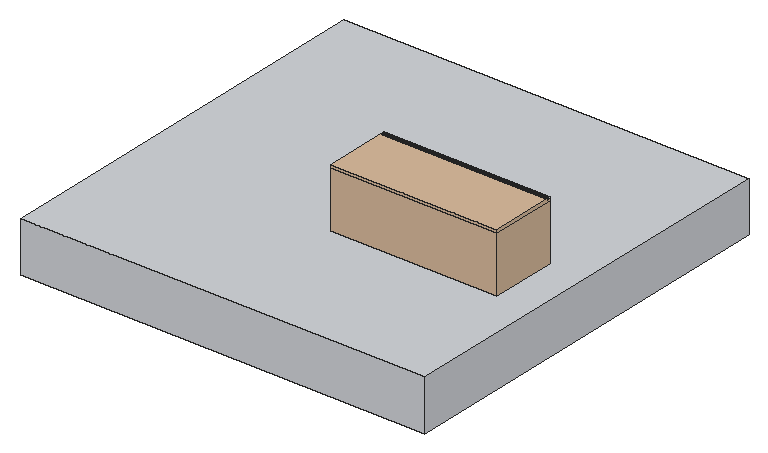
Revit family "SOT_Mavone_Multiproduct_BIM_GB_T0045;T0046;T0047;T0048", category Plumbing Fixtures, host Face, Revit 2014
Parameters (values of type "T0048VI - Mavone 1000mm wall hung vanity unit - 1 drawer - Light Wood")
  WaterEfficientProduct = no
  WarrantyStartDate [instance] = "1900-12-31T23:59:59"
  WarrantyGuarantorParts = "Sottinicustomercare@sottini.co.uk"
  WarrantyGuarantorLabor = "n/a"
  WarrantyDurationUnit = "year"
  WarrantyDurationParts = "5"
  WarrantyDurationLabor = "n/a"
  WarrantyDescription = "Manufacturers warranty"
  WRAS = no
  WFU = 0
  VolumeUnits = "Litres"
  Version = "1"
  Uniclass2 = "Pr_40_30_78_04"
  URL = "www.specifysottini.co.uk"
  TagNumber [instance] = "n/a"
  TMV3 = no
  SustainabilityPerformance = "FSC"
  Style = "n/a"
  SpareParts = "www.fastpart-spares.co.uk"
  Space = "Internal"
  Size = "360 x 400 x 1000 mm"
  Shape = "Rectangular"
  SerialNumber [instance] = "n/a"
  Revision = "n/a"
  ReplacementCost = "n/a"
  ProductInformation = "www.idealspec.co.uk/assets/datasheet/T0048VI"
  Phone = "0800 834266"
  NominalWidth = 1000 mm
  NominalLength = 400 mm
  NominalHeight = 400 mm
  NominalDepth = 360 mm
  NettWeight = "22 Kg"
  Name = "Furniture_Mavone_T0048VI_Sottini"
  NBSTypeID = "n/a"
  NBSReference = "45-35-72/320"
  NBSOfficeMasterTag = "n/a"
  NBSNote = "n/a"
  NBSDescription = "Bathroom integrated duct work"
  NBSCertification = "n/a"
  ModelReference = Description  # ""
  ModelNumber = Model  # ""
  Model = "T0048VI"
  Material = "Laminated board"
  ManufacturerURL = "www.specifysottini.co.uk"
  Manufacturer = "Sottinisales@sottini.co.uk"
  MainColor = Color  # "White"
  LinearUnits = "millimeters"
  Laminate = SOT_Sottini_Laminate_LightWood_VI_Render
  Keynote = "n/a"
  InstallationInstructions = "www.idealspec.co.uk/resources.html"
  InstallationDate [instance] = "1900-12-31T23:59:59"
  IfcExportType = "USERDEFINED"
  IfcExportAs = "IfcFurnitureType"
  Handle = SOT_Sottini_Fittings_Chrome_Render
  HWFU = 0
  GrossWeight = "n/a"
  Grade = "n/a"
  Finish = Color  # "White"
  Features = "100 cm wall hung vanity unit with 1 drawer and integrated handle"
  ExpectedLife = "30"
  ECA = no
  DurationUnit = "year"
  DistributedBy = "n/a"
  Description = "Mavone 100 cm wall hung vanity unit with 1 drawer and integrated handle"
  Default Elevation = 900 mm
  CurrencyUnit = "n/a"
  CreatedOn = "2015-11-20"
  Cost = 0
  Constituents = "n/a"
  Color = "LightWood"
  CodePerformance = "EN 14749:2005"
  CWFU = 0
  Brand = "Sottini"
  BarCode [instance] = "n/a"
  BREEAM = no
  BIMObjectName = "SOT_Sottini_Furniture_Mavone_T0048VI"
  Author = "Sottini"
  AssetType = "Fixed"
  AssetIdentifier [instance] = "n/a"
  Assembly Code = "C1030200"
  AreaUnits = "millimeters"
  AreaMeasurement = "n/a"
  Accessories = "www.specifysottini.co.uk"
  AccessibilityPerformance = "n/a"
Types (16, lengths in mm): name | Size | ProductInformation | NominalWidth | NettWeight | Name | Model | Laminate | Features | Description | Color | BIMObjectName
  T0045OV - Mavone 500mm wall hung vanity unit - 1 drawer - Gloss White | "360 x 400 x 500 mm" | "www.idealspec.co.uk/assets/datasheet/T0045OV" | 500 | "11 Kg" | "Furniture_Mavone_T0045OV_Sottini" | "T0045OV" | SOT_Sottini_Laminate_White_OV_Render | "50 cm wall hung vanity unit with 1 drawer and integrated handle" | "Mavone 50 cm wall hung vanity unit with 1 drawer and integrated handle" | "White" | "SOT_Sottini_Furniture_Mavone_T0045OV"
  T0046OV - Mavone 600mm wall hung vanity unit - 1 drawer - Gloss White | "360 x 400 x 600 mm" | "www.idealspec.co.uk/assets/datasheet/T0046OV" | 600 | "14 Kg" | "Furniture_Mavone_T0046OV_Sottini" | "T0046OV" | SOT_Sottini_Laminate_White_OV_Render | "60 cm wall hung vanity unit with 1 drawer and integrated handle" | "Mavone 60 cm wall hung vanity unit with 1 drawer and integrated handle" | "White" | "SOT_Sottini_Furniture_Mavone_T0046OV"
  T0047OV - Mavone 800mm wall hung vanity unit - 1 drawer - Gloss White | "360 x 400 x 800 mm" | "www.idealspec.co.uk/assets/datasheet/T0047OV" | 800 | "18 Kg" | "Furniture_Mavone_T0047OV_Sottini" | "T0047OV" | SOT_Sottini_Laminate_White_OV_Render | "80 cm wall hung vanity unit with 1 drawer and integrated handle" | "Mavone 80 cm wall hung vanity unit with 1 drawer and integrated handle" | "White" | "SOT_Sottini_Furniture_Mavone_T0047OV"
  T0048OV - Mavone 1000mm wall hung vanity unit - 1 drawer - Gloss White | "360 x 400 x 1000 mm" | "www.idealspec.co.uk/assets/datasheet/T0048OV" | 1000 | "22 Kg" | "Furniture_Mavone_T0048OV_Sottini" | "T0048OV" | SOT_Sottini_Laminate_White_OV_Render | "100 cm wall hung vanity unit with 1 drawer and integrated handle" | "Mavone 100 cm wall hung vanity unit with 1 drawer and integrated handle" | "White" | "SOT_Sottini_Furniture_Mavone_T0048OV"
  T0045PH - Mavone 500mm wall hung vanity unit - 1 drawer - Gloss Light Grey | "360 x 400 x 500 mm" | "www.idealspec.co.uk/assets/datasheet/T0045PH" | 500 | "11 Kg" | "Furniture_Mavone_T0045PH_Sottini" | "T0045PH" | SOT_Sottini_Laminate_LightGrey_PH_Render | "50 cm wall hung vanity unit with 1 drawer and integrated handle" | "Mavone 50 cm wall hung vanity unit with 1 drawer and integrated handle" | "LightGrey" | "SOT_Sottini_Furniture_Mavone_T0045PH"
  T0045PU - Mavone 500mm wall hung vanity unit - 1 drawer - Matt Dark Taupe | "360 x 400 x 500 mm" | "www.idealspec.co.uk/assets/datasheet/T0045PU" | 500 | "11 Kg" | "Furniture_Mavone_T0045PU_Sottini" | "T0045PU" | SOT_Sottini_Laminate_DarkTaupe_PU_Render | "50 cm wall hung vanity unit with 1 drawer and integrated handle" | "Mavone 50 cm wall hung vanity unit with 1 drawer and integrated handle" | "DarkTaupe" | "SOT_Sottini_Furniture_Mavone_T0045PU"
  T0045VI - Mavone 500mm wall hung vanity unit - 1 drawer - Light Wood | "360 x 400 x 500 mm" | "www.idealspec.co.uk/assets/datasheet/T0045VI" | 500 | "11 Kg" | "Furniture_Mavone_T0045VI_Sottini" | "T0045VI" | SOT_Sottini_Laminate_LightWood_VI_Render | "50 cm wall hung vanity unit with 1 drawer and integrated handle" | "Mavone 50 cm wall hung vanity unit with 1 drawer and integrated handle" | "LightWood" | "SOT_Sottini_Furniture_Mavone_T0045VI"
  T0046PH - Mavone 600mm wall hung vanity unit - 1 drawer - Gloss Light Grey | "360 x 400 x 600 mm" | "www.idealspec.co.uk/assets/datasheet/T0046PH" | 600 | "14 Kg" | "Furniture_Mavone_T0046PH_Sottini" | "T0046PH" | SOT_Sottini_Laminate_LightGrey_PH_Render | "60 cm wall hung vanity unit with 1 drawer and integrated handle" | "Mavone 60 cm wall hung vanity unit with 1 drawer and integrated handle" | "LightGrey" | "SOT_Sottini_Furniture_Mavone_T0046PH"
  T0046PU - Mavone 600mm wall hung vanity unit - 1 drawer - Matt Dark Taupe | "360 x 400 x 600 mm" | "www.idealspec.co.uk/assets/datasheet/T0046PU" | 600 | "14 Kg" | "Furniture_Mavone_T0046PU_Sottini" | "T0046PU" | SOT_Sottini_Laminate_DarkTaupe_PU_Render | "60 cm wall hung vanity unit with 1 drawer and integrated handle" | "Mavone 60 cm wall hung vanity unit with 1 drawer and integrated handle" | "DarkTaupe" | "SOT_Sottini_Furniture_Mavone_T0046PU"
  T0046VI - Mavone 600mm wall hung vanity unit - 1 drawer - Light Wood | "360 x 400 x 600 mm" | "www.idealspec.co.uk/assets/datasheet/T0046VI" | 600 | "14 Kg" | "Furniture_Mavone_T0046VI_Sottini" | "T0046VI" | SOT_Sottini_Laminate_LightWood_VI_Render | "60 cm wall hung vanity unit with 1 drawer and integrated handle" | "Mavone 60 cm wall hung vanity unit with 1 drawer and integrated handle" | "LightWood" | "SOT_Sottini_Furniture_Mavone_T0046VI"
  T0047PH - Mavone 800mm wall hung vanity unit - 1 drawer - Gloss Light Grey | "360 x 400 x 800 mm" | "www.idealspec.co.uk/assets/datasheet/T0047PH" | 800 | "18 Kg" | "Furniture_Mavone_T0047PH_Sottini" | "T0047PH" | SOT_Sottini_Laminate_LightGrey_PH_Render | "80 cm wall hung vanity unit with 1 drawer and integrated handle" | "Mavone 80 cm wall hung vanity unit with 1 drawer and integrated handle" | "LightGrey" | "SOT_Sottini_Furniture_Mavone_T0047PH"
  T0047PU - Mavone 800mm wall hung vanity unit - 1 drawer - Matt Dark Taupe | "360 x 400 x 800 mm" | "www.idealspec.co.uk/assets/datasheet/T0047PU" | 800 | "18 Kg" | "Furniture_Mavone_T0047PU_Sottini" | "T0047PU" | SOT_Sottini_Laminate_DarkTaupe_PU_Render | "80 cm wall hung vanity unit with 1 drawer and integrated handle" | "Mavone 80 cm wall hung vanity unit with 1 drawer and integrated handle" | "DarkTaupe" | "SOT_Sottini_Furniture_Mavone_T0047PU"
  T0047VI - Mavone 800mm wall hung vanity unit - 1 drawer - Light Wood | "360 x 400 x 800 mm" | "www.idealspec.co.uk/assets/datasheet/T0047VI" | 800 | "18 Kg" | "Furniture_Mavone_T0047VI_Sottini" | "T0047VI" | SOT_Sottini_Laminate_LightWood_VI_Render | "80 cm wall hung vanity unit with 1 drawer and integrated handle" | "Mavone 80 cm wall hung vanity unit with 1 drawer and integrated handle" | "LightWood" | "SOT_Sottini_Furniture_Mavone_T0047VI"
  T0048PH - Mavone 1000mm wall hung vanity unit - 1 drawer - Gloss Light Grey | "360 x 400 x 1000 mm" | "www.idealspec.co.uk/assets/datasheet/T0048PH" | 1000 | "22 Kg" | "Furniture_Mavone_T0048PH_Sottini" | "T0048PH" | SOT_Sottini_Laminate_LightGrey_PH_Render | "100 cm wall hung vanity unit with 1 drawer and integrated handle" | "Mavone 100 cm wall hung vanity unit with 1 drawer and integrated handle" | "LightGrey" | "SOT_Sottini_Furniture_Mavone_T0048PH"
  T0048PU - Mavone 1000mm wall hung vanity unit - 1 drawer - Matt Dark Taupe | "360 x 400 x 1000 mm" | "www.idealspec.co.uk/assets/datasheet/T0048PU" | 1000 | "22 Kg" | "Furniture_Mavone_T0048PU_Sottini" | "T0048PU" | SOT_Sottini_Laminate_DarkTaupe_PU_Render | "100 cm wall hung vanity unit with 1 drawer and integrated handle" | "Mavone 100 cm wall hung vanity unit with 1 drawer and integrated handle" | "DarkTaupe" | "SOT_Sottini_Furniture_Mavone_T0048PU"
  T0048VI - Mavone 1000mm wall hung vanity unit - 1 drawer - Light Wood | "360 x 400 x 1000 mm" | "www.idealspec.co.uk/assets/datasheet/T0048VI" | 1000 | "22 Kg" | "Furniture_Mavone_T0048VI_Sottini" | "T0048VI" | SOT_Sottini_Laminate_LightWood_VI_Render | "100 cm wall hung vanity unit with 1 drawer and integrated handle" | "Mavone 100 cm wall hung vanity unit with 1 drawer and integrated handle" | "LightWood" | "SOT_Sottini_Furniture_Mavone_T0048VI"
Reference planes
  plane 1 "Center (Front/Back)": y = 0
  plane 2: z = 0
  plane 3 "Center (Left/Right)": x = 0
  plane 4: x = 1000
  plane 5: y = -400
  plane 6: z = 360
  plane 7: z = 340
  plane 8: x = 18
  plane 9: x = 982
  plane 10: z = 18
  plane 11: x = 500
  plane 12: y = -25
  plane 13: z = 350
  plane 14: y = -382
Forms (mm)
  Extrusion 1, solid
    sketch origin (0, 0, 0) x (1, 0, 0) y (0, 1, 0)
      loop
        line (-1219.2, 1219.2) -> (-1219.2, -1219.2) -> (1219.2, -1219.2) -> (1219.2, 1219.2) -> (-1219.2, 1219.2)
    from 0 to -304.8
  Extrusion 2, solid, material "SOT_Sottini_Laminate_LightWood_VI_Render" <- "Laminate"
    sketch origin (0, 0, 0) x (1, 0, 0) y (0, 1, 0)
      loop
        line (0, 0) -> (0, -400) -> (1000, -400) -> (1000, 0) -> (0, 0)
    from 0 to 340
  Extrusion 3, solid, material "SOT_Sottini_Laminate_LightWood_VI_Render" <- "Laminate"
    sketch origin (625.124, -4572, 340) x (0, -1, 0) y (-1, 0, 0)
      loop
        line (-4572, 625.124) -> (-4572, -374.876) -> (-4172, -374.876) -> (-4172, 625.124) -> (-4572, 625.124)
    from -20 to 0
  Extrusion 4, void
    sketch origin (1000, -983.848, 1219.2) x (0, 1, 0) y (0, 0, 1)
      loop
        line (958.848, -869.2) -> (983.848, -869.2) -> (983.848, -859.2) -> (958.848, -859.2) -> (958.848, -869.2)
    from -1000 to 0
  Sweep 5, solid, material "SOT_Sottini_Fittings_Chrome_Render" <- "Handle"
    path origin (625.124, -4572, 340) x (0, -1, 0) y (1, 0, 0)
      loop
        line (-4572, -625.124) -> (-4572, 374.876)
    profile origin (500, 0, 340) x (0, 1, 0) y (0, 0, 1)
      loop
        line (-25, 21) -> (-25, 10) -> (0, 10) -> (0, 20) -> (-9.495, 20)
        arc (-9.495, 20) -> (-9.852, 19.852) -> (-10, 19.495) r 0.505
        line (-10, 19.495) -> (-10, 18.516)
        arc (-10, 18.516) -> (-9.849, 18.151) -> (-9.484, 18) r 0.516
        line (-9.484, 18) -> (-2, 18) -> (-2, 12) -> (-23, 12) -> (-23, 20.255)
        arc (-23, 20.255) -> (-23.218, 20.782) -> (-23.745, 21) r 0.745
        line (-23.745, 21) -> (-25, 21)
  Extrusion 6, void
    sketch origin (580.676, -382, 1219.2) x (-1, 0, 0) y (0, 0, 1)
      loop
        line (562.676, -879.2) -> (-401.324, -879.2) -> (-401.324, -1201.2) -> (562.676, -1201.2) -> (562.676, -879.2)
    from 0 to 382
Cuts and joins
  Extrusion 4, Extrusion 6 cuts Extrusion 3
  Extrusion 6 cuts Extrusion 2
Dimensions and locks
  plane 6 to plane 7 = 20 mm
  "NominalLength": plane 1 "Center (Front/Back)" to plane 5
  "NominalDepth": plane 6 to Extrusion 1
  "NominalWidth": plane 3 "Center (Left/Right)" to plane 4
  equal spacing: plane 3 "Center (Left/Right)", plane 11, plane 4
  equal spacing: plane 8, plane 11, plane 9
  aligned and locked: plane 2 to Extrusion 1
  aligned and locked: level to Extrusion 1
  aligned and locked: plane 1 "Center (Front/Back)" to Extrusion 2 sketch curve
  aligned and locked: plane 3 "Center (Left/Right)" to Extrusion 2 sketch curve
  aligned and locked: plane 5 to Extrusion 2 sketch curve
  aligned and locked: plane 4 to Extrusion 2 sketch curve
  aligned and locked: Extrusion 2 to plane 7
  aligned and locked: Extrusion 2 to level
  aligned and locked: Extrusion 3 sketch curve to Extrusion 2  (x4)
  aligned and locked: plane 6 to Extrusion 3
  aligned and locked: plane 7 to Extrusion 3
  aligned and locked: plane 13 to Extrusion 4 sketch curve
  aligned and locked: Extrusion 4 sketch curve to plane 12
  aligned and locked: Extrusion 4 sketch curve to Extrusion 3
  aligned and locked: Extrusion 3 to Extrusion 4 sketch curve
  aligned and locked: Extrusion 4 to plane 3 "Center (Left/Right)"
  aligned and locked: Extrusion 4 to plane 4
  aligned and locked: Sweep 5 sketch curve to plane 12
  aligned and locked: Extrusion 6 sketch curve to plane 7
  aligned and locked: Extrusion 6 sketch curve to plane 8
  aligned and locked: Extrusion 6 sketch curve to plane 10
  aligned and locked: plane 9 to Extrusion 6 sketch curve
  aligned and locked: Extrusion 6 to plane 1 "Center (Front/Back)"
  aligned and locked: plane 14 to Extrusion 6
Automatic sketch dimensions
  Extrusion 1 sketch curve to Extrusion 1 sketch curve = 2438.4 mm  (x2)
  plane 1 "Center (Front/Back)" to Sweep 5 sketch curve = 0 mm
  Sweep 5 sketch curve to plane 3 "Center (Left/Right)" = 0 mm
  Sweep 5 sketch curve to plane 4 = 0 mm
  Sweep 5 sketch curve to profile plane = 0 mm
  Sweep 5 sketch curve to Sweep 5 sketch curve = 1.255 mm
  Sweep 5 sketch curve to Sweep 5 sketch curve = 2 mm  (x2)
  profile plane to Sweep 5 sketch curve = 10 mm
  Sweep 5 sketch curve to Sweep 5 sketch curve = 0.505 mm
  Sweep 5 sketch curve to Sweep 5 sketch curve = 0.516 mm
  profile plane to Sweep 5 sketch curve = 2 mm
  Sweep 5 sketch curve to plane 7 = 10 mm
  Sweep 5 sketch curve to Sweep 5 sketch curve = 6 mm
  Sweep 5 sketch curve to Sweep 5 sketch curve = 0.979 mm
  Sweep 5 sketch curve to Sweep 5 sketch curve = 8.255 mm
